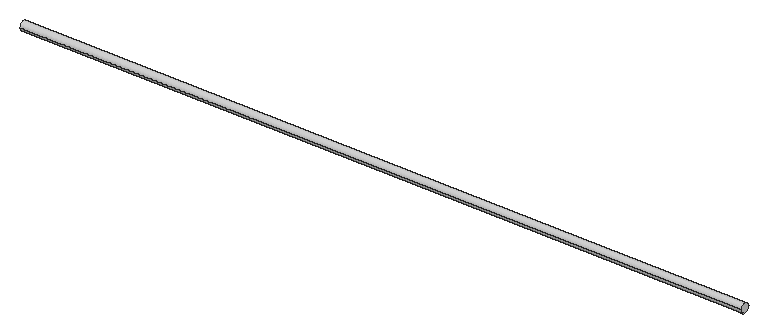
Revit family "TUBE 48-4,1_2125250", category Generic Models, Revit 2018
Family settings
  Can host rebar = No
  Round Connector Dimension = Use Diameter
  Part Type = Normal
  OmniClass Number = 35.51.17.00
  OmniClass Title = SCAFFOLDING SHORING AND FENCING
  Work Plane-Based = Yes
  Always vertical = No
  Cut with Voids When Loaded = No
  Shared = Yes
  Room Calculation Point = No
Parameters
  VERSION = "20190101"  # constant formula
  URL = "www.ulmaconstruction.com/en"
  UNICLASS = ""
  Model = ""
  ITEM_CODE = "2125250"
  Manufacturer = "ULMA CONSTRUCTION"  # constant formula
  FILTER [instance] = ""
  Default Elevation = 0 mm
  CLASSIFICATION_TITLE = ""
  CLASSIFICATION_NUMBER = ""
Reference planes
  plane 1 "Centro (Frontal/Posterior)": y = 0
  plane 2: z = 0
  plane 3 "Centro (Izquierda/Derecha)": x = 0
  plane 4 "ITEM_LENGTH": x = 4100
Forms (mm)
  Extrusion 1, solid, material "ULMA ZINC", detail levels fine
    sketch origin (0, 0, 0) x (0, 1, 0) y (0, 0, 1)
      loop
        circle (0, 0) r 24.15
    from 0 to 4100
Lines and regions (mm)
  model lines, style "ULMA FIXING ITEMS", detail levels fine
    curve 1: circle (0, 0, 0) r 21 normal (1, 0, 0)
    curve 3: circle (4100, 0, 0) r 21 normal (1, 0, 0)
  model lines, style "ULMA FIXING ITEMS", detail levels coarse+medium
    curve 2: line (0, 0, 0) -> (4100, 0, 0)
Dimensions and locks
  locked: plane 3 "Centro (Izquierda/Derecha)" to plane 4 "ITEM_LENGTH" at 4100
  aligned and locked: level to plane 2
  aligned and locked: Extrusion 1 to plane 3 "Centro (Izquierda/Derecha)"
  aligned and locked: plane 4 "ITEM_LENGTH" to Extrusion 1
  aligned and locked: plane 4 "ITEM_LENGTH" to curve 2
